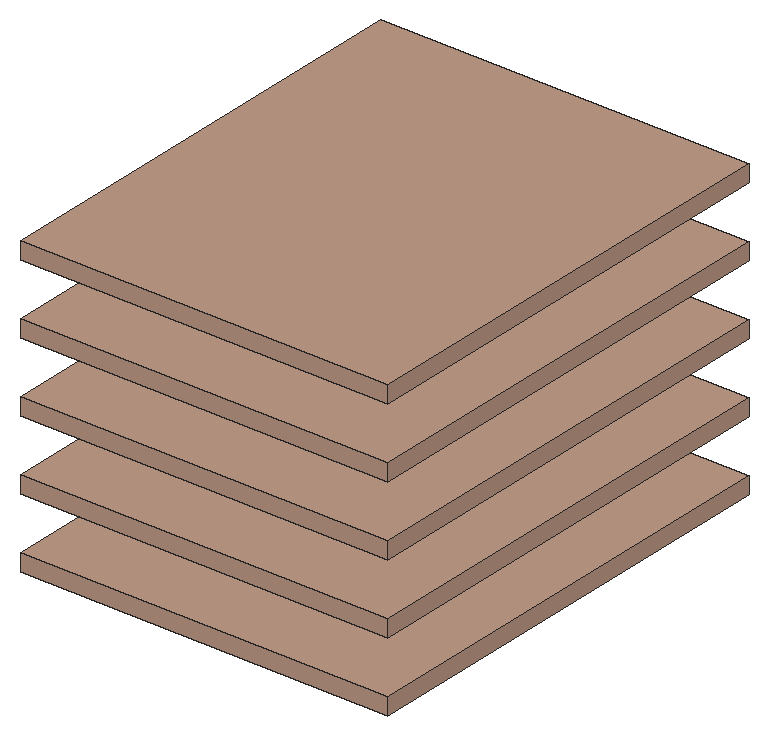
Revit family "AM_Detail_09_Service_annex__inferred_placement", category Generic Models, Revit 2025
Family settings
  Can host rebar = No
  Round Connector Dimension = Use Diameter
  Part Type = Normal
  Work Plane-Based = No
  Always vertical = Yes
  Cut with Voids When Loaded = No
  Maintain Annotation Orientation = No
  Shared = No
  Room Calculation Point = No
Parameters (values of type "Original geometry")
  Description = "AM v1.0.0 architectural ornament. Editable native extrusion sketches; fixed photographic geometry. Not a structural wall/window/roof substitute."
  Default Elevation = 0 mm
Reference planes
  plane 1 "Center (Front/Back)": y = 0
  plane 2: z = 0
  plane 3 "Center (Left/Right)": x = 0
Forms (mm)
  Extrusion 1, solid, material "AM Faded terracotta masonry"
    sketch origin (-9815.001, 1585, 340) x (1, 0, 0) y (0, 1, 0)
      loop
        line (0, 0) -> (2630.001, 0) -> (2630.001, 3230) -> (0, 3230) -> (0, 0)
    from 0 to 120
  Extrusion 2, solid, material "AM Faded terracotta masonry"
    sketch origin (-9815.001, 1585, 840) x (1, 0, 0) y (0, 1, 0)
      loop
        line (0, 0) -> (2630.001, 0) -> (2630.001, 3230) -> (0, 3230) -> (0, 0)
    from 0 to 120
  Extrusion 3, solid, material "AM Faded terracotta masonry"
    sketch origin (-9815.001, 1585, 1340) x (1, 0, 0) y (0, 1, 0)
      loop
        line (0, 0) -> (2630.001, 0) -> (2630.001, 3230) -> (0, 3230) -> (0, 0)
    from 0 to 120
  Extrusion 4, solid, material "AM Faded terracotta masonry"
    sketch origin (-9815.001, 1585, 1840) x (1, 0, 0) y (0, 1, 0)
      loop
        line (0, 0) -> (2630.001, 0) -> (2630.001, 3230) -> (0, 3230) -> (0, 0)
    from 0 to 120
  Extrusion 5, solid, material "AM Faded terracotta masonry"
    sketch origin (-9815.001, 1585, 2340) x (1, 0, 0) y (0, 1, 0)
      loop
        line (0, 0) -> (2630.001, 0) -> (2630.001, 3230) -> (0, 3230) -> (0, 0)
    from 0 to 120
Dimensions and locks
  aligned and locked: level to plane 2
